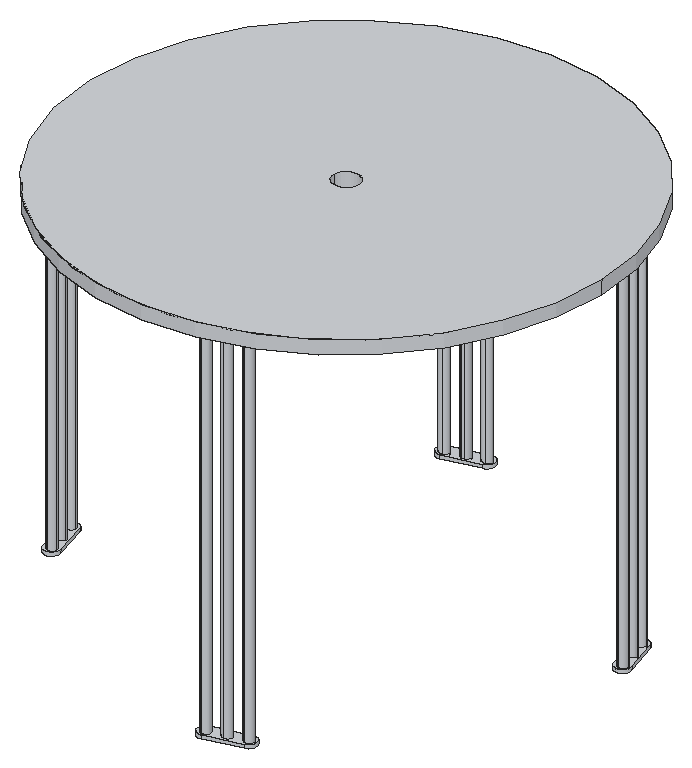
Revit family "XOCT-XOCTXBC4", category Furniture, Revit 2019
Family settings
  OmniClass Number = 23.40.20.00
  OmniClass Title = General Furniture and Specialties
  Work Plane-Based = No
  Always vertical = Yes
  Cut with Voids When Loaded = No
  Shared = No
  Room Calculation Point = No
Parameters (values of type "XOCT")
  XOCT-XBC4 = no
  XOCT = yes
  URL = "https://viaseating.com/series/sierra-015-outdoor-collection-tables/"
  Model = "XOCT"
  Manufacturer = "Via Seating"
  Finish [instance] = none
  Description = "The airy structure of the Sierra tables blend perfectly into natural and urban settings.  The bent pipe structure with a diameter of 18mm is made of stainless steel or polyester powder coated steel tube and hot-dip galvanized steel.  Ready-equipped for fastening to the ground with bolts or joined together using steel plates."
Reference planes (in)
  plane 1 "Center Front/Back": y = 0
  plane 2: z = 0
  plane 3 "Center Left/Right": x = 0
Forms (in)
  Extrusion 1, solid, material <- "Finish", visible <- "XOCT"
    sketch origin (0, 0, 0) x (1, 0, 0) y (0, 1, 0)
      loop
        circle (19.65625, -19.64062) r 19.64063
      loop
        circle (19.65625, -19.64062) r 0.99781
    from 27.87403 to 28.89766
  Extrusion 2, solid, material <- "Finish", visible <- "XOCT"
    sketch origin (0, 0, 0) x (1, 0, 0) y (0, 1, 0)
      loop
        line (0.84531, -23.51905) -> (1.58133, -26.2659)
        arc (1.58133, -26.2659) -> (2.31024, -26.68278) -> (2.73305, -25.9573) r 0.5962
        line (2.73305, -25.9573) -> (1.99703, -23.21045)
        arc (1.99703, -23.21045) -> (1.26813, -22.79357) -> (0.84531, -23.51905) r 0.5962
      loop
        circle (1.42243, -23.36945) r 0.36175
      loop
        circle (2.15593, -26.1069) r 0.36175
      loop
        circle (1.78913, -24.73798) r 0.36175
    from 0 to 0.23622
  Extrusion 3, solid, material <- "Finish", visible <- "XOCT"
    sketch origin (0, 0, 0) x (1, 0, 0) y (0, 1, 0)
      loop
        circle (1.42243, -23.36945) r 0.36175
      loop
        circle (1.42243, -23.36945) r 0.28363
      loop
        circle (1.79025, -24.7411) r 0.36175
      loop
        circle (1.79025, -24.7411) r 0.28363
      loop
        circle (2.15429, -26.10744) r 0.36175
      loop
        circle (2.15429, -26.10744) r 0.28363
    from 0 to 27.87403
  Extrusion 4, solid, material <- "Finish", visible <- "XOCT"
    sketch origin (26.43105, 7.63956, 0) x (-0.859366, -0.511361, 0) y (0.511361, -0.859366, 0)
      loop
        arc (0.84531, 23.51905) -> (1.26813, 22.79357) -> (1.99703, 23.21045) r 0.5962
        line (1.99703, 23.21045) -> (2.73305, 25.9573)
        arc (2.73305, 25.9573) -> (2.31024, 26.68278) -> (1.58133, 26.2659) r 0.5962
        line (1.58133, 26.2659) -> (0.84531, 23.51905)
      loop
        circle (1.42243, 23.36945) r 0.36175
      loop
        circle (2.15593, 26.1069) r 0.36175
      loop
        circle (1.78913, 24.73798) r 0.36175
    from 0 to 0.23622
  Extrusion 5, solid, material <- "Finish", visible <- "XOCT"
    sketch origin (26.43105, 7.63956, 0) x (-0.859366, -0.511361, 0) y (0.511361, -0.859366, 0)
      loop
        circle (1.42243, 23.36945) r 0.36175
      loop
        circle (1.42243, 23.36945) r 0.28363
      loop
        circle (1.79025, 24.7411) r 0.36175
      loop
        circle (1.79025, 24.7411) r 0.28363
      loop
        circle (2.15429, 26.10744) r 0.36175
      loop
        circle (2.15429, 26.10744) r 0.28363
    from 0 to 27.87403
  Extrusion 6, solid, material <- "Finish", visible <- "XOCT"
    sketch origin (-7.93838, -12.24932, 0) x (0.487962, -0.872865, 0) y (0.872865, 0.487962, 0)
      loop
        arc (0.84531, 23.51905) -> (1.26813, 22.79357) -> (1.99703, 23.21045) r 0.5962
        line (1.99703, 23.21045) -> (2.73305, 25.9573)
        arc (2.73305, 25.9573) -> (2.31024, 26.68278) -> (1.58133, 26.2659) r 0.5962
        line (1.58133, 26.2659) -> (0.84531, 23.51905)
      loop
        circle (1.42243, 23.36945) r 0.36175
      loop
        circle (2.15593, 26.1069) r 0.36175
      loop
        circle (1.78913, 24.73798) r 0.36175
    from 0 to 0.23622
  Extrusion 7, solid, material <- "Finish", visible <- "XOCT"
    sketch origin (-7.93838, -12.24932, 0) x (0.487962, -0.872865, 0) y (0.872865, 0.487962, 0)
      loop
        circle (1.42243, 23.36945) r 0.36175
      loop
        circle (1.42243, 23.36945) r 0.28363
      loop
        circle (1.79025, 24.7411) r 0.36175
      loop
        circle (1.79025, 24.7411) r 0.28363
      loop
        circle (2.15429, 26.10744) r 0.36175
      loop
        circle (2.15429, 26.10744) r 0.28363
    from 0 to 27.87403
  Extrusion 8, solid, material <- "Finish", visible <- "XOCT"
    sketch origin (0.03314, -39.31639, 0) x (-0.001297, 0.999999, 0) y (-0.999999, -0.001297, 0)
      loop
        line (0.84531, -23.51905) -> (1.58133, -26.2659)
        arc (1.58133, -26.2659) -> (2.31024, -26.68278) -> (2.73305, -25.9573) r 0.5962
        line (2.73305, -25.9573) -> (1.99703, -23.21045)
        arc (1.99703, -23.21045) -> (1.26813, -22.79357) -> (0.84531, -23.51905) r 0.5962
      loop
        circle (1.42243, -23.36945) r 0.36175
      loop
        circle (2.15593, -26.1069) r 0.36175
      loop
        circle (1.78913, -24.73798) r 0.36175
    from 0 to 0.23622
  Extrusion 9, solid, material <- "Finish", visible <- "XOCT"
    sketch origin (0.03314, -39.31639, 0) x (-0.001297, 0.999999, 0) y (-0.999999, -0.001297, 0)
      loop
        circle (1.42243, -23.36945) r 0.36175
      loop
        circle (1.42243, -23.36945) r 0.28363
      loop
        circle (1.79025, -24.7411) r 0.36175
      loop
        circle (1.79025, -24.7411) r 0.28363
      loop
        circle (2.15429, -26.10744) r 0.36175
      loop
        circle (2.15429, -26.10744) r 0.28363
    from 0 to 27.87403
  Extrusion 10, solid, material <- "Finish", visible <- "XOCT-XBC4"
    sketch origin (24.53292, 10.21578, 0) x (1, 0, 0) y (0, 1, 0)
      loop
        arc (-9.09301, -6.38209) -> (-8.5032, -6.94311) -> (-7.91339, -6.38209) r 0.59055
        line (-7.91339, -6.38209) -> (-7.91339, 6.3997)
        arc (-7.91339, 6.3997) -> (-8.5032, 6.96072) -> (-9.09301, 6.3997) r 0.59055
        line (-9.09301, 6.3997) -> (-9.09301, -6.38209)
      loop
        circle (-8.5032, 6.3764) r 0.35531
      loop
        circle (-8.5032, 4.97083) r 0.35531
      loop
        circle (-8.5032, 3.53733) r 0.35531
      loop
        circle (-8.5032, 2.13177) r 0.35531
      loop
        circle (-8.5032, 0.70714) r 0.35531
      loop
        circle (-8.5032, -6.35879) r 0.35531
      loop
        circle (-8.5032, -4.95322) r 0.35531
      loop
        circle (-8.5032, -3.51972) r 0.35531
      loop
        circle (-8.5032, -2.11416) r 0.35531
      loop
        circle (-8.5032, -0.68953) r 0.35531
    from 0 to 0.31496
  Extrusion 11, solid, material <- "Finish", visible <- "XOCT-XBC4"
    sketch origin (24.53292, 10.58117, 0.08436) x (0, 1, 0) y (0, 0, -1)
      loop
        arc (5.8787, -16.96996) -> (5.0442, -16.55058) -> (4.13731, -16.32741) r 4.17074
        arc (4.13731, -16.32741) -> (1.91909, -16.28701) -> (-0.29948, -16.29746) r 96.79933
        arc (-0.29948, -16.29746) -> (-0.36176, -16.35471) -> (-0.42404, -16.29745) r 0.0625
        arc (-0.42404, -16.29745) -> (-2.65402, -16.28709) -> (-4.88364, -16.3281) r 96.79933
        arc (-4.88364, -16.3281) -> (-5.78777, -16.5515) -> (-6.61979, -16.96996) r 4.17074
        arc (-6.61979, -16.96996) -> (-6.64439, -17.00745) -> (-6.63357, -17.05097) r 0.05596
        arc (-6.63357, -17.05097) -> (-6.46637, -17.1701) -> (-6.39395, -17.3622) r 0.35238
        line (-6.39395, -17.3622) -> (-5.67624, -17.3622)
        arc (-5.67624, -17.3622) -> (-5.32759, -17.03397) -> (-4.97893, -17.3622) r 0.34929
        line (-4.97893, -17.3622) -> (-4.25636, -17.3622)
        arc (-4.25636, -17.3622) -> (-3.9077, -17.03397) -> (-3.55905, -17.3622) r 0.34929
        line (-3.55905, -17.3622) -> (-2.83904, -17.3622)
        arc (-2.83904, -17.3622) -> (-2.49039, -17.03397) -> (-2.14173, -17.3622) r 0.34929
        line (-2.14173, -17.3622) -> (-1.41916, -17.3622)
        arc (-1.41916, -17.3622) -> (-1.0705, -17.03397) -> (-0.72185, -17.3622) r 0.34929
        line (-0.72185, -17.3622) -> (-0.01525, -17.3622)
        arc (-0.01525, -17.3622) -> (0.33341, -17.03397) -> (0.68206, -17.3622) r 0.34929
        line (0.68206, -17.3622) -> (1.40464, -17.3622)
        arc (1.40464, -17.3622) -> (1.75329, -17.03397) -> (2.10195, -17.3622) r 0.34929
        line (2.10195, -17.3622) -> (2.82195, -17.3622)
        arc (2.82195, -17.3622) -> (3.17061, -17.03397) -> (3.51926, -17.3622) r 0.34929
        line (3.51926, -17.3622) -> (4.24184, -17.3622)
        arc (4.24184, -17.3622) -> (4.59049, -17.03397) -> (4.93914, -17.3622) r 0.34929
        line (4.93914, -17.3622) -> (5.65286, -17.3622)
        arc (5.65286, -17.3622) -> (5.72528, -17.1701) -> (5.89248, -17.05097) r 0.35238
        arc (5.89248, -17.05097) -> (5.9033, -17.00745) -> (5.8787, -16.96996) r 0.05596
      loop
        circle (1.0565, -16.82947) r 0.10934
      loop
        circle (-1.77901, -16.82947) r 0.10934
    from -6.75224 to -6.43744
  Sweep 12, solid, material <- "Finish", visible <- "XOCT-XBC4"
    path origin (24.53292, 12.82372, 0) x (1, 0, 0) y (0, 0, 1)
      loop
        line (-8.5032, 0) -> (-8.5032, 16.21875)
        arc (-8.5032, 16.21875) -> (-8.16018, 17.04687) -> (-7.33205, 17.3899) r 1.17115
        line (-7.33205, 17.3899) -> (7.33205, 17.3899)
        arc (7.33205, 17.3899) -> (8.16018, 17.04687) -> (8.5032, 16.21875) r 1.17115
        line (8.5032, 16.21875) -> (8.5032, 0)
    profile origin (16.02972, 12.82372, 8.10937) x (-1, 0, 0) y (0, -1, 0)
      loop
        circle (0, 9) r 0.35531
  Sweep 13, solid, material <- "Finish", visible <- "XOCT-XBC4"
    path origin (24.53292, 14.24862, 0) x (1, 0, 0) y (0, 0, 1)
      loop
        line (-8.5032, 0) -> (-8.5032, 16.21875)
        arc (-8.5032, 16.21875) -> (-8.16018, 17.04687) -> (-7.33205, 17.3899) r 1.17115
        line (-7.33205, 17.3899) -> (7.33205, 17.3899)
        arc (7.33205, 17.3899) -> (8.16018, 17.04687) -> (8.5032, 16.21875) r 1.17115
        line (8.5032, 16.21875) -> (8.5032, 0)
    profile origin (16.02972, 14.24862, 8.10937) x (-1, 0, 0) y (0, -1, 0)
      loop
        circle (0, 9) r 0.35531
  Sweep 14, solid, material <- "Finish", visible <- "XOCT-XBC4"
    path origin (24.53292, 15.67028, 0) x (1, 0, 0) y (0, 0, 1)
      loop
        line (-8.5032, 0) -> (-8.5032, 16.21875)
        arc (-8.5032, 16.21875) -> (-8.16018, 17.04687) -> (-7.33205, 17.3899) r 1.17115
        line (-7.33205, 17.3899) -> (7.33205, 17.3899)
        arc (7.33205, 17.3899) -> (8.16018, 17.04687) -> (8.5032, 16.21875) r 1.17115
        line (8.5032, 16.21875) -> (8.5032, 0)
    profile origin (16.02972, 15.67028, 8.10937) x (-1, 0, 0) y (0, -1, 0)
      loop
        circle (0, 9) r 0.35531
  Sweep 15, solid, material <- "Finish", visible <- "XOCT-XBC4"
    path origin (24.53292, 17.08742, 0) x (1, 0, 0) y (0, 0, 1)
      loop
        line (-8.5032, 0) -> (-8.5032, 16.21875)
        arc (-8.5032, 16.21875) -> (-8.16018, 17.04687) -> (-7.33205, 17.3899) r 1.17115
        line (-7.33205, 17.3899) -> (7.33205, 17.3899)
        arc (7.33205, 17.3899) -> (8.16018, 17.04687) -> (8.5032, 16.21875) r 1.17115
        line (8.5032, 16.21875) -> (8.5032, 0)
    profile origin (16.02972, 17.08742, 8.10937) x (-1, 0, 0) y (0, -1, 0)
      loop
        circle (0, 9) r 0.35531
  Sweep 16, solid, material <- "Finish", visible <- "XOCT-XBC4"
    path origin (24.53292, 7.59218, 0) x (1, 0, 0) y (0, 0, -1)
      loop
        line (-8.5032, 0) -> (-8.5032, -16.21875)
        arc (-8.5032, -16.21875) -> (-8.16018, -17.04687) -> (-7.33205, -17.3899) r 1.17115
        line (-7.33205, -17.3899) -> (7.33205, -17.3899)
        arc (7.33205, -17.3899) -> (8.16018, -17.04687) -> (8.5032, -16.21875) r 1.17115
        line (8.5032, -16.21875) -> (8.5032, 0)
    profile origin (16.02972, 7.59218, 8.10937) x (1, 0, 0) y (0, 1, 0)
      loop
        circle (0, 9) r 0.35531
  Sweep 17, solid, material <- "Finish", visible <- "XOCT-XBC4"
    path origin (24.53292, 6.18661, 0) x (1, 0, 0) y (0, 0, -1)
      loop
        line (-8.5032, 0) -> (-8.5032, -16.21875)
        arc (-8.5032, -16.21875) -> (-8.16018, -17.04687) -> (-7.33205, -17.3899) r 1.17115
        line (-7.33205, -17.3899) -> (7.33205, -17.3899)
        arc (7.33205, -17.3899) -> (8.16018, -17.04687) -> (8.5032, -16.21875) r 1.17115
        line (8.5032, -16.21875) -> (8.5032, 0)
    profile origin (16.02972, 6.18661, 8.10937) x (1, 0, 0) y (0, 1, 0)
      loop
        circle (0, 9) r 0.35531
  Sweep 18, solid, material <- "Finish", visible <- "XOCT-XBC4"
    path origin (24.53292, 4.75311, 0) x (1, 0, 0) y (0, 0, -1)
      loop
        line (-8.5032, 0) -> (-8.5032, -16.21875)
        arc (-8.5032, -16.21875) -> (-8.16018, -17.04687) -> (-7.33205, -17.3899) r 1.17115
        line (-7.33205, -17.3899) -> (7.33205, -17.3899)
        arc (7.33205, -17.3899) -> (8.16018, -17.04687) -> (8.5032, -16.21875) r 1.17115
        line (8.5032, -16.21875) -> (8.5032, 0)
    profile origin (16.02972, 4.75311, 8.10937) x (1, 0, 0) y (0, 1, 0)
      loop
        circle (0, 9) r 0.35531
  Sweep 19, solid, material <- "Finish", visible <- "XOCT-XBC4"
    path origin (24.53292, 3.34755, 0) x (1, 0, 0) y (0, 0, -1)
      loop
        line (-8.5032, 0) -> (-8.5032, -16.21875)
        arc (-8.5032, -16.21875) -> (-8.16018, -17.04687) -> (-7.33205, -17.3899) r 1.17115
        line (-7.33205, -17.3899) -> (7.33205, -17.3899)
        arc (7.33205, -17.3899) -> (8.16018, -17.04687) -> (8.5032, -16.21875) r 1.17115
        line (8.5032, -16.21875) -> (8.5032, 0)
    profile origin (16.02972, 3.34755, 8.10937) x (1, 0, 0) y (0, 1, 0)
      loop
        circle (0, 9) r 0.35531
  Sweep 20, solid, material <- "Finish", visible <- "XOCT-XBC4"
    path origin (24.53292, 1.92292, 0) x (1, 0, 0) y (0, 0, -1)
      loop
        line (-8.5032, 0) -> (-8.5032, -16.21875)
        arc (-8.5032, -16.21875) -> (-8.16018, -17.04687) -> (-7.33205, -17.3899) r 1.17115
        line (-7.33205, -17.3899) -> (7.33205, -17.3899)
        arc (7.33205, -17.3899) -> (8.16018, -17.04687) -> (8.5032, -16.21875) r 1.17115
        line (8.5032, -16.21875) -> (8.5032, 0)
    profile origin (16.02972, 1.92292, 8.10937) x (1, 0, 0) y (0, 1, 0)
      loop
        circle (0, 9) r 0.35531
  Extrusion 21, solid, material <- "Finish", visible <- "XOCT-XBC4"
    sketch origin (24.5326, 10.21578, 0) x (-1, 0, 0) y (0, -1, 0)
      loop
        line (-9.09301, 6.38209) -> (-9.09301, -6.3997)
        arc (-9.09301, -6.3997) -> (-8.5032, -6.96072) -> (-7.91339, -6.3997) r 0.59055
        line (-7.91339, -6.3997) -> (-7.91339, 6.38209)
        arc (-7.91339, 6.38209) -> (-8.5032, 6.94311) -> (-9.09301, 6.38209) r 0.59055
      loop
        circle (-8.5032, -6.3764) r 0.35531
      loop
        circle (-8.5032, -4.97083) r 0.35531
      loop
        circle (-8.5032, -3.53733) r 0.35531
      loop
        circle (-8.5032, -2.13177) r 0.35531
      loop
        circle (-8.5032, -0.70714) r 0.35531
      loop
        circle (-8.5032, 6.35879) r 0.35531
      loop
        circle (-8.5032, 4.95322) r 0.35531
      loop
        circle (-8.5032, 3.51972) r 0.35531
      loop
        circle (-8.5032, 2.11416) r 0.35531
      loop
        circle (-8.5032, 0.68953) r 0.35531
    from 0 to 0.31496
  Sweep 22, solid, material <- "Finish", visible <- "XOCT-XBC4"
    path origin (24.53292, 18.51205, 0) x (1, 0, 0) y (0, 0, 1)
      loop
        line (-8.5032, 0) -> (-8.5032, 16.21875)
        arc (-8.5032, 16.21875) -> (-8.16018, 17.04687) -> (-7.33205, 17.3899) r 1.17115
        line (-7.33205, 17.3899) -> (7.33205, 17.3899)
        arc (7.33205, 17.3899) -> (8.16018, 17.04687) -> (8.5032, 16.21875) r 1.17115
        line (8.5032, 16.21875) -> (8.5032, 0)
    profile origin (16.02972, 18.51205, 8.10937) x (-1, 0, 0) y (0, -1, 0)
      loop
        circle (0, 9) r 0.35531
  Extrusion 23, solid, material <- "Finish", visible <- "XOCT-XBC4"
    sketch origin (0, 0, 0) x (1, 0, 0) y (0, 1, 0)
      loop
        line (15.43991, 3.83369) -> (15.43991, -0.89383) -> (15.75983, -0.81284)
        arc (15.75983, -0.81284) -> (16.27499, -0.92732) -> (16.49746, -1.40586) r 0.5962
        line (16.49746, -1.40586) -> (16.61953, 3.83369)
        arc (16.61953, 3.83369) -> (16.02972, 3.27267) -> (15.43991, 3.83369) r 0.59055
    from 0 to 0.23622
  Extrusion 24, solid, material <- "Finish", visible <- "XOCT-XBC4"
    sketch origin (23.87793, 10.58117, 0.08436) x (0, 1, 0) y (0, 0, -1)
      loop
        arc (5.8787, -16.96996) -> (5.0442, -16.55058) -> (4.13731, -16.32741) r 4.17074
        arc (4.13731, -16.32741) -> (1.91909, -16.28701) -> (-0.29948, -16.29746) r 96.79933
        arc (-0.29948, -16.29746) -> (-0.36176, -16.35471) -> (-0.42404, -16.29745) r 0.0625
        arc (-0.42404, -16.29745) -> (-2.65402, -16.28709) -> (-4.88364, -16.3281) r 96.79933
        arc (-4.88364, -16.3281) -> (-5.78777, -16.5515) -> (-6.61979, -16.96996) r 4.17074
        arc (-6.61979, -16.96996) -> (-6.64439, -17.00745) -> (-6.63357, -17.05097) r 0.05596
        arc (-6.63357, -17.05097) -> (-6.46637, -17.1701) -> (-6.39395, -17.3622) r 0.35238
        line (-6.39395, -17.3622) -> (-5.67624, -17.3622)
        arc (-5.67624, -17.3622) -> (-5.32759, -17.03397) -> (-4.97893, -17.3622) r 0.34929
        line (-4.97893, -17.3622) -> (-4.25636, -17.3622)
        arc (-4.25636, -17.3622) -> (-3.9077, -17.03397) -> (-3.55905, -17.3622) r 0.34929
        line (-3.55905, -17.3622) -> (-2.83904, -17.3622)
        arc (-2.83904, -17.3622) -> (-2.49039, -17.03397) -> (-2.14173, -17.3622) r 0.34929
        line (-2.14173, -17.3622) -> (-1.41916, -17.3622)
        arc (-1.41916, -17.3622) -> (-1.0705, -17.03397) -> (-0.72185, -17.3622) r 0.34929
        line (-0.72185, -17.3622) -> (-0.01525, -17.3622)
        arc (-0.01525, -17.3622) -> (0.33341, -17.03397) -> (0.68206, -17.3622) r 0.34929
        line (0.68206, -17.3622) -> (1.40464, -17.3622)
        arc (1.40464, -17.3622) -> (1.75329, -17.03397) -> (2.10195, -17.3622) r 0.34929
        line (2.10195, -17.3622) -> (2.82195, -17.3622)
        arc (2.82195, -17.3622) -> (3.17061, -17.03397) -> (3.51926, -17.3622) r 0.34929
        line (3.51926, -17.3622) -> (4.24184, -17.3622)
        arc (4.24184, -17.3622) -> (4.59049, -17.03397) -> (4.93914, -17.3622) r 0.34929
        line (4.93914, -17.3622) -> (5.65286, -17.3622)
        arc (5.65286, -17.3622) -> (5.72528, -17.1701) -> (5.89248, -17.05097) r 0.35238
        arc (5.89248, -17.05097) -> (5.9033, -17.00745) -> (5.8787, -16.96996) r 0.05596
      loop
        circle (1.0565, -16.82947) r 0.10934
      loop
        circle (-1.77901, -16.82947) r 0.10934
    from -6.75224 to -6.43744
  Extrusion 25, solid, material <- "Finish", visible <- "XOCT-XBC4"
    sketch origin (24.52215, 10.58118, 0.08436) x (0.001696, 0.999999, 0) y (0, 0, 1)
      loop
        arc (5.8787, 16.96996) -> (5.9033, 17.00745) -> (5.89248, 17.05097) r 0.05596
        arc (5.89248, 17.05097) -> (5.72528, 17.1701) -> (5.65286, 17.3622) r 0.35238
        line (5.65286, 17.3622) -> (4.93914, 17.3622)
        arc (4.93914, 17.3622) -> (4.59049, 17.03397) -> (4.24184, 17.3622) r 0.34929
        line (4.24184, 17.3622) -> (3.51926, 17.3622)
        arc (3.51926, 17.3622) -> (3.17061, 17.03397) -> (2.82195, 17.3622) r 0.34929
        line (2.82195, 17.3622) -> (2.10195, 17.3622)
        arc (2.10195, 17.3622) -> (1.75329, 17.03397) -> (1.40464, 17.3622) r 0.34929
        line (1.40464, 17.3622) -> (0.68206, 17.3622)
        arc (0.68206, 17.3622) -> (0.33341, 17.03397) -> (-0.01525, 17.3622) r 0.34929
        line (-0.01525, 17.3622) -> (-0.72185, 17.3622)
        arc (-0.72185, 17.3622) -> (-1.0705, 17.03397) -> (-1.41916, 17.3622) r 0.34929
        line (-1.41916, 17.3622) -> (-2.14173, 17.3622)
        arc (-2.14173, 17.3622) -> (-2.49039, 17.03397) -> (-2.83904, 17.3622) r 0.34929
        line (-2.83904, 17.3622) -> (-3.55905, 17.3622)
        arc (-3.55905, 17.3622) -> (-3.9077, 17.03397) -> (-4.25636, 17.3622) r 0.34929
        line (-4.25636, 17.3622) -> (-4.97893, 17.3622)
        arc (-4.97893, 17.3622) -> (-5.32759, 17.03397) -> (-5.67624, 17.3622) r 0.34929
        line (-5.67624, 17.3622) -> (-6.39395, 17.3622)
        arc (-6.39395, 17.3622) -> (-6.46637, 17.1701) -> (-6.63357, 17.05097) r 0.35238
        arc (-6.63357, 17.05097) -> (-6.64439, 17.00745) -> (-6.61979, 16.96996) r 0.05596
        arc (-6.61979, 16.96996) -> (-5.78777, 16.5515) -> (-4.88364, 16.3281) r 4.17074
        arc (-4.88364, 16.3281) -> (-2.65402, 16.28709) -> (-0.42404, 16.29745) r 96.79933
        arc (-0.42404, 16.29745) -> (-0.36176, 16.35471) -> (-0.29948, 16.29746) r 0.0625
        arc (-0.29948, 16.29746) -> (1.91909, 16.28701) -> (4.13731, 16.32741) r 96.79933
        arc (4.13731, 16.32741) -> (5.0442, 16.55058) -> (5.8787, 16.96996) r 4.17074
      loop
        circle (1.0565, 16.82947) r 0.10934
      loop
        circle (-1.77901, 16.82947) r 0.10934
    from -6.75224 to -6.43744
  Extrusion 26, solid, material <- "Finish", visible <- "XOCT-XBC4"
    sketch origin (25.17715, 10.58007, 0.08436) x (0.001696, 0.999999, 0) y (0, 0, 1)
      loop
        arc (5.8787, 16.96996) -> (5.9033, 17.00745) -> (5.89248, 17.05097) r 0.05596
        arc (5.89248, 17.05097) -> (5.72528, 17.1701) -> (5.65286, 17.3622) r 0.35238
        line (5.65286, 17.3622) -> (4.93914, 17.3622)
        arc (4.93914, 17.3622) -> (4.59049, 17.03397) -> (4.24184, 17.3622) r 0.34929
        line (4.24184, 17.3622) -> (3.51926, 17.3622)
        arc (3.51926, 17.3622) -> (3.17061, 17.03397) -> (2.82195, 17.3622) r 0.34929
        line (2.82195, 17.3622) -> (2.10195, 17.3622)
        arc (2.10195, 17.3622) -> (1.75329, 17.03397) -> (1.40464, 17.3622) r 0.34929
        line (1.40464, 17.3622) -> (0.68206, 17.3622)
        arc (0.68206, 17.3622) -> (0.33341, 17.03397) -> (-0.01525, 17.3622) r 0.34929
        line (-0.01525, 17.3622) -> (-0.72185, 17.3622)
        arc (-0.72185, 17.3622) -> (-1.0705, 17.03397) -> (-1.41916, 17.3622) r 0.34929
        line (-1.41916, 17.3622) -> (-2.14173, 17.3622)
        arc (-2.14173, 17.3622) -> (-2.49039, 17.03397) -> (-2.83904, 17.3622) r 0.34929
        line (-2.83904, 17.3622) -> (-3.55905, 17.3622)
        arc (-3.55905, 17.3622) -> (-3.9077, 17.03397) -> (-4.25636, 17.3622) r 0.34929
        line (-4.25636, 17.3622) -> (-4.97893, 17.3622)
        arc (-4.97893, 17.3622) -> (-5.32759, 17.03397) -> (-5.67624, 17.3622) r 0.34929
        line (-5.67624, 17.3622) -> (-6.39395, 17.3622)
        arc (-6.39395, 17.3622) -> (-6.46637, 17.1701) -> (-6.63357, 17.05097) r 0.35238
        arc (-6.63357, 17.05097) -> (-6.64439, 17.00745) -> (-6.61979, 16.96996) r 0.05596
        arc (-6.61979, 16.96996) -> (-5.78777, 16.5515) -> (-4.88364, 16.3281) r 4.17074
        arc (-4.88364, 16.3281) -> (-2.65402, 16.28709) -> (-0.42404, 16.29745) r 96.79933
        arc (-0.42404, 16.29745) -> (-0.36176, 16.35471) -> (-0.29948, 16.29746) r 0.0625
        arc (-0.29948, 16.29746) -> (1.91909, 16.28701) -> (4.13731, 16.32741) r 96.79933
        arc (4.13731, 16.32741) -> (5.0442, 16.55058) -> (5.8787, 16.96996) r 4.17074
      loop
        circle (1.0565, 16.82947) r 0.10934
      loop
        circle (-1.77901, 16.82947) r 0.10934
    from -6.75224 to -6.43744
  Extrusion 27, solid, material <- "Finish", visible <- "XOCT-XBC4"
    sketch origin (49.51834, -24.52556, 0) x (0, -1, 0) y (1, 0, 0)
      loop
        arc (-9.09301, -6.38209) -> (-8.5032, -6.94311) -> (-7.91339, -6.38209) r 0.59055
        line (-7.91339, -6.38209) -> (-7.91339, 6.3997)
        arc (-7.91339, 6.3997) -> (-8.5032, 6.96072) -> (-9.09301, 6.3997) r 0.59055
        line (-9.09301, 6.3997) -> (-9.09301, -6.38209)
      loop
        circle (-8.5032, 6.3764) r 0.35531
      loop
        circle (-8.5032, 4.97083) r 0.35531
      loop
        circle (-8.5032, 3.53733) r 0.35531
      loop
        circle (-8.5032, 2.13177) r 0.35531
      loop
        circle (-8.5032, 0.70714) r 0.35531
      loop
        circle (-8.5032, -6.35879) r 0.35531
      loop
        circle (-8.5032, -4.95322) r 0.35531
      loop
        circle (-8.5032, -3.51972) r 0.35531
      loop
        circle (-8.5032, -2.11416) r 0.35531
      loop
        circle (-8.5032, -0.68953) r 0.35531
    from 0 to 0.31496
  Extrusion 28, solid, material <- "Finish", visible <- "XOCT-XBC4"
    sketch origin (49.88373, -24.52556, 0.08436) x (1, 0, 0) y (0, 0, -1)
      loop
        arc (5.8787, -16.96996) -> (5.0442, -16.55058) -> (4.13731, -16.32741) r 4.17074
        arc (4.13731, -16.32741) -> (1.91909, -16.28701) -> (-0.29948, -16.29746) r 96.79933
        arc (-0.29948, -16.29746) -> (-0.36176, -16.35471) -> (-0.42404, -16.29745) r 0.0625
        arc (-0.42404, -16.29745) -> (-2.65402, -16.28709) -> (-4.88364, -16.3281) r 96.79933
        arc (-4.88364, -16.3281) -> (-5.78777, -16.5515) -> (-6.61979, -16.96996) r 4.17074
        arc (-6.61979, -16.96996) -> (-6.64439, -17.00745) -> (-6.63357, -17.05097) r 0.05596
        arc (-6.63357, -17.05097) -> (-6.46637, -17.1701) -> (-6.39395, -17.3622) r 0.35238
        line (-6.39395, -17.3622) -> (-5.67624, -17.3622)
        arc (-5.67624, -17.3622) -> (-5.32759, -17.03397) -> (-4.97893, -17.3622) r 0.34929
        line (-4.97893, -17.3622) -> (-4.25636, -17.3622)
        arc (-4.25636, -17.3622) -> (-3.9077, -17.03397) -> (-3.55905, -17.3622) r 0.34929
        line (-3.55905, -17.3622) -> (-2.83904, -17.3622)
        arc (-2.83904, -17.3622) -> (-2.49039, -17.03397) -> (-2.14173, -17.3622) r 0.34929
        line (-2.14173, -17.3622) -> (-1.41916, -17.3622)
        arc (-1.41916, -17.3622) -> (-1.0705, -17.03397) -> (-0.72185, -17.3622) r 0.34929
        line (-0.72185, -17.3622) -> (-0.01525, -17.3622)
        arc (-0.01525, -17.3622) -> (0.33341, -17.03397) -> (0.68206, -17.3622) r 0.34929
        line (0.68206, -17.3622) -> (1.40464, -17.3622)
        arc (1.40464, -17.3622) -> (1.75329, -17.03397) -> (2.10195, -17.3622) r 0.34929
        line (2.10195, -17.3622) -> (2.82195, -17.3622)
        arc (2.82195, -17.3622) -> (3.17061, -17.03397) -> (3.51926, -17.3622) r 0.34929
        line (3.51926, -17.3622) -> (4.24184, -17.3622)
        arc (4.24184, -17.3622) -> (4.59049, -17.03397) -> (4.93914, -17.3622) r 0.34929
        line (4.93914, -17.3622) -> (5.65286, -17.3622)
        arc (5.65286, -17.3622) -> (5.72528, -17.1701) -> (5.89248, -17.05097) r 0.35238
        arc (5.89248, -17.05097) -> (5.9033, -17.00745) -> (5.8787, -16.96996) r 0.05596
      loop
        circle (1.0565, -16.82947) r 0.10934
      loop
        circle (-1.77901, -16.82947) r 0.10934
    from -6.75224 to -6.43744
  Sweep 29, solid, material <- "Finish", visible <- "XOCT-XBC4"
    path origin (52.12628, -24.52556, 0) x (0, -1, 0) y (0, 0, 1)
      loop
        line (-8.5032, 0) -> (-8.5032, 16.21875)
        arc (-8.5032, 16.21875) -> (-8.16018, 17.04687) -> (-7.33205, 17.3899) r 1.17115
        line (-7.33205, 17.3899) -> (7.33205, 17.3899)
        arc (7.33205, 17.3899) -> (8.16018, 17.04687) -> (8.5032, 16.21875) r 1.17115
        line (8.5032, 16.21875) -> (8.5032, 0)
    profile origin (52.12628, -16.02236, 8.10937) x (0, 1, 0) y (-1, 0, 0)
      loop
        circle (0, 9) r 0.35531
  Sweep 30, solid, material <- "Finish", visible <- "XOCT-XBC4"
    path origin (53.55118, -24.52556, 0) x (0, -1, 0) y (0, 0, 1)
      loop
        line (-8.5032, 0) -> (-8.5032, 16.21875)
        arc (-8.5032, 16.21875) -> (-8.16018, 17.04687) -> (-7.33205, 17.3899) r 1.17115
        line (-7.33205, 17.3899) -> (7.33205, 17.3899)
        arc (7.33205, 17.3899) -> (8.16018, 17.04687) -> (8.5032, 16.21875) r 1.17115
        line (8.5032, 16.21875) -> (8.5032, 0)
    profile origin (53.55118, -16.02236, 8.10937) x (0, 1, 0) y (-1, 0, 0)
      loop
        circle (0, 9) r 0.35531
  Sweep 31, solid, material <- "Finish", visible <- "XOCT-XBC4"
    path origin (54.97283, -24.52556, 0) x (0, -1, 0) y (0, 0, 1)
      loop
        line (-8.5032, 0) -> (-8.5032, 16.21875)
        arc (-8.5032, 16.21875) -> (-8.16018, 17.04687) -> (-7.33205, 17.3899) r 1.17115
        line (-7.33205, 17.3899) -> (7.33205, 17.3899)
        arc (7.33205, 17.3899) -> (8.16018, 17.04687) -> (8.5032, 16.21875) r 1.17115
        line (8.5032, 16.21875) -> (8.5032, 0)
    profile origin (54.97283, -16.02236, 8.10937) x (0, 1, 0) y (-1, 0, 0)
      loop
        circle (0, 9) r 0.35531
  Sweep 32, solid, material <- "Finish", visible <- "XOCT-XBC4"
    path origin (56.38997, -24.52556, 0) x (0, -1, 0) y (0, 0, 1)
      loop
        line (-8.5032, 0) -> (-8.5032, 16.21875)
        arc (-8.5032, 16.21875) -> (-8.16018, 17.04687) -> (-7.33205, 17.3899) r 1.17115
        line (-7.33205, 17.3899) -> (7.33205, 17.3899)
        arc (7.33205, 17.3899) -> (8.16018, 17.04687) -> (8.5032, 16.21875) r 1.17115
        line (8.5032, 16.21875) -> (8.5032, 0)
    profile origin (56.38997, -16.02236, 8.10937) x (0, 1, 0) y (-1, 0, 0)
      loop
        circle (0, 9) r 0.35531
  Sweep 33, solid, material <- "Finish", visible <- "XOCT-XBC4"
    path origin (46.89474, -24.52556, 0) x (0, -1, 0) y (0, 0, -1)
      loop
        line (-8.5032, 0) -> (-8.5032, -16.21875)
        arc (-8.5032, -16.21875) -> (-8.16018, -17.04687) -> (-7.33205, -17.3899) r 1.17115
        line (-7.33205, -17.3899) -> (7.33205, -17.3899)
        arc (7.33205, -17.3899) -> (8.16018, -17.04687) -> (8.5032, -16.21875) r 1.17115
        line (8.5032, -16.21875) -> (8.5032, 0)
    profile origin (46.89474, -16.02236, 8.10937) x (0, -1, 0) y (1, 0, 0)
      loop
        circle (0, 9) r 0.35531
  Sweep 34, solid, material <- "Finish", visible <- "XOCT-XBC4"
    path origin (45.48917, -24.52556, 0) x (0, -1, 0) y (0, 0, -1)
      loop
        line (-8.5032, 0) -> (-8.5032, -16.21875)
        arc (-8.5032, -16.21875) -> (-8.16018, -17.04687) -> (-7.33205, -17.3899) r 1.17115
        line (-7.33205, -17.3899) -> (7.33205, -17.3899)
        arc (7.33205, -17.3899) -> (8.16018, -17.04687) -> (8.5032, -16.21875) r 1.17115
        line (8.5032, -16.21875) -> (8.5032, 0)
    profile origin (45.48917, -16.02236, 8.10937) x (0, -1, 0) y (1, 0, 0)
      loop
        circle (0, 9) r 0.35531
  Sweep 35, solid, material <- "Finish", visible <- "XOCT-XBC4"
    path origin (44.05567, -24.52556, 0) x (0, -1, 0) y (0, 0, -1)
      loop
        line (-8.5032, 0) -> (-8.5032, -16.21875)
        arc (-8.5032, -16.21875) -> (-8.16018, -17.04687) -> (-7.33205, -17.3899) r 1.17115
        line (-7.33205, -17.3899) -> (7.33205, -17.3899)
        arc (7.33205, -17.3899) -> (8.16018, -17.04687) -> (8.5032, -16.21875) r 1.17115
        line (8.5032, -16.21875) -> (8.5032, 0)
    profile origin (44.05567, -16.02236, 8.10937) x (0, -1, 0) y (1, 0, 0)
      loop
        circle (0, 9) r 0.35531
  Sweep 36, solid, material <- "Finish", visible <- "XOCT-XBC4"
    path origin (42.6501, -24.52556, 0) x (0, -1, 0) y (0, 0, -1)
      loop
        line (-8.5032, 0) -> (-8.5032, -16.21875)
        arc (-8.5032, -16.21875) -> (-8.16018, -17.04687) -> (-7.33205, -17.3899) r 1.17115
        line (-7.33205, -17.3899) -> (7.33205, -17.3899)
        arc (7.33205, -17.3899) -> (8.16018, -17.04687) -> (8.5032, -16.21875) r 1.17115
        line (8.5032, -16.21875) -> (8.5032, 0)
    profile origin (42.6501, -16.02236, 8.10937) x (0, -1, 0) y (1, 0, 0)
      loop
        circle (0, 9) r 0.35531
  Sweep 37, solid, material <- "Finish", visible <- "XOCT-XBC4"
    path origin (41.22547, -24.52556, 0) x (0, -1, 0) y (0, 0, -1)
      loop
        line (-8.5032, 0) -> (-8.5032, -16.21875)
        arc (-8.5032, -16.21875) -> (-8.16018, -17.04687) -> (-7.33205, -17.3899) r 1.17115
        line (-7.33205, -17.3899) -> (7.33205, -17.3899)
        arc (7.33205, -17.3899) -> (8.16018, -17.04687) -> (8.5032, -16.21875) r 1.17115
        line (8.5032, -16.21875) -> (8.5032, 0)
    profile origin (41.22547, -16.02236, 8.10937) x (0, -1, 0) y (1, 0, 0)
      loop
        circle (0, 9) r 0.35531
  Extrusion 38, solid, material <- "Finish", visible <- "XOCT-XBC4"
    sketch origin (49.51834, -24.52524, 0) x (0, 1, 0) y (-1, 0, 0)
      loop
        line (-9.09301, 6.38209) -> (-9.09301, -6.3997)
        arc (-9.09301, -6.3997) -> (-8.5032, -6.96072) -> (-7.91339, -6.3997) r 0.59055
        line (-7.91339, -6.3997) -> (-7.91339, 6.38209)
        arc (-7.91339, 6.38209) -> (-8.5032, 6.94311) -> (-9.09301, 6.38209) r 0.59055
      loop
        circle (-8.5032, -6.3764) r 0.35531
      loop
        circle (-8.5032, -4.97083) r 0.35531
      loop
        circle (-8.5032, -3.53733) r 0.35531
      loop
        circle (-8.5032, -2.13177) r 0.35531
      loop
        circle (-8.5032, -0.70714) r 0.35531
      loop
        circle (-8.5032, 6.35879) r 0.35531
      loop
        circle (-8.5032, 4.95322) r 0.35531
      loop
        circle (-8.5032, 3.51972) r 0.35531
      loop
        circle (-8.5032, 2.11416) r 0.35531
      loop
        circle (-8.5032, 0.68953) r 0.35531
    from 0 to 0.31496
  Sweep 39, solid, material <- "Finish", visible <- "XOCT-XBC4"
    path origin (57.8146, -24.52556, 0) x (0, -1, 0) y (0, 0, 1)
      loop
        line (-8.5032, 0) -> (-8.5032, 16.21875)
        arc (-8.5032, 16.21875) -> (-8.16018, 17.04687) -> (-7.33205, 17.3899) r 1.17115
        line (-7.33205, 17.3899) -> (7.33205, 17.3899)
        arc (7.33205, 17.3899) -> (8.16018, 17.04687) -> (8.5032, 16.21875) r 1.17115
        line (8.5032, 16.21875) -> (8.5032, 0)
    profile origin (57.8146, -16.02236, 8.10937) x (0, 1, 0) y (-1, 0, 0)
      loop
        circle (0, 9) r 0.35531
  Extrusion 40, solid, material <- "Finish", visible <- "XOCT-XBC4"
    sketch origin (39.30256, 0.00736, 0) x (0, -1, 0) y (1, 0, 0)
      loop
        line (15.43991, 3.83369) -> (15.43991, -0.89383) -> (15.75983, -0.81284)
        arc (15.75983, -0.81284) -> (16.27499, -0.92732) -> (16.49746, -1.40586) r 0.5962
        line (16.49746, -1.40586) -> (16.61953, 3.83369)
        arc (16.61953, 3.83369) -> (16.02972, 3.27267) -> (15.43991, 3.83369) r 0.59055
    from 0 to 0.23622
  Extrusion 41, solid, material <- "Finish", visible <- "XOCT-XBC4"
    sketch origin (49.88373, -23.87056, 0.08436) x (1, 0, 0) y (0, 0, -1)
      loop
        arc (5.8787, -16.96996) -> (5.0442, -16.55058) -> (4.13731, -16.32741) r 4.17074
        arc (4.13731, -16.32741) -> (1.91909, -16.28701) -> (-0.29948, -16.29746) r 96.79933
        arc (-0.29948, -16.29746) -> (-0.36176, -16.35471) -> (-0.42404, -16.29745) r 0.0625
        arc (-0.42404, -16.29745) -> (-2.65402, -16.28709) -> (-4.88364, -16.3281) r 96.79933
        arc (-4.88364, -16.3281) -> (-5.78777, -16.5515) -> (-6.61979, -16.96996) r 4.17074
        arc (-6.61979, -16.96996) -> (-6.64439, -17.00745) -> (-6.63357, -17.05097) r 0.05596
        arc (-6.63357, -17.05097) -> (-6.46637, -17.1701) -> (-6.39395, -17.3622) r 0.35238
        line (-6.39395, -17.3622) -> (-5.67624, -17.3622)
        arc (-5.67624, -17.3622) -> (-5.32759, -17.03397) -> (-4.97893, -17.3622) r 0.34929
        line (-4.97893, -17.3622) -> (-4.25636, -17.3622)
        arc (-4.25636, -17.3622) -> (-3.9077, -17.03397) -> (-3.55905, -17.3622) r 0.34929
        line (-3.55905, -17.3622) -> (-2.83904, -17.3622)
        arc (-2.83904, -17.3622) -> (-2.49039, -17.03397) -> (-2.14173, -17.3622) r 0.34929
        line (-2.14173, -17.3622) -> (-1.41916, -17.3622)
        arc (-1.41916, -17.3622) -> (-1.0705, -17.03397) -> (-0.72185, -17.3622) r 0.34929
        line (-0.72185, -17.3622) -> (-0.01525, -17.3622)
        arc (-0.01525, -17.3622) -> (0.33341, -17.03397) -> (0.68206, -17.3622) r 0.34929
        line (0.68206, -17.3622) -> (1.40464, -17.3622)
        arc (1.40464, -17.3622) -> (1.75329, -17.03397) -> (2.10195, -17.3622) r 0.34929
        line (2.10195, -17.3622) -> (2.82195, -17.3622)
        arc (2.82195, -17.3622) -> (3.17061, -17.03397) -> (3.51926, -17.3622) r 0.34929
        line (3.51926, -17.3622) -> (4.24184, -17.3622)
        arc (4.24184, -17.3622) -> (4.59049, -17.03397) -> (4.93914, -17.3622) r 0.34929
        line (4.93914, -17.3622) -> (5.65286, -17.3622)
        arc (5.65286, -17.3622) -> (5.72528, -17.1701) -> (5.89248, -17.05097) r 0.35238
        arc (5.89248, -17.05097) -> (5.9033, -17.00745) -> (5.8787, -16.96996) r 0.05596
      loop
        circle (1.0565, -16.82947) r 0.10934
      loop
        circle (-1.77901, -16.82947) r 0.10934
    from -6.75224 to -6.43744
  Extrusion 42, solid, material <- "Finish", visible <- "XOCT-XBC4"
    sketch origin (49.88374, -24.51479, 0.08436) x (0.999999, -0.001696, 0) y (0, 0, 1)
      loop
        arc (5.8787, 16.96996) -> (5.9033, 17.00745) -> (5.89248, 17.05097) r 0.05596
        arc (5.89248, 17.05097) -> (5.72528, 17.1701) -> (5.65286, 17.3622) r 0.35238
        line (5.65286, 17.3622) -> (4.93914, 17.3622)
        arc (4.93914, 17.3622) -> (4.59049, 17.03397) -> (4.24184, 17.3622) r 0.34929
        line (4.24184, 17.3622) -> (3.51926, 17.3622)
        arc (3.51926, 17.3622) -> (3.17061, 17.03397) -> (2.82195, 17.3622) r 0.34929
        line (2.82195, 17.3622) -> (2.10195, 17.3622)
        arc (2.10195, 17.3622) -> (1.75329, 17.03397) -> (1.40464, 17.3622) r 0.34929
        line (1.40464, 17.3622) -> (0.68206, 17.3622)
        arc (0.68206, 17.3622) -> (0.33341, 17.03397) -> (-0.01525, 17.3622) r 0.34929
        line (-0.01525, 17.3622) -> (-0.72185, 17.3622)
        arc (-0.72185, 17.3622) -> (-1.0705, 17.03397) -> (-1.41916, 17.3622) r 0.34929
        line (-1.41916, 17.3622) -> (-2.14173, 17.3622)
        arc (-2.14173, 17.3622) -> (-2.49039, 17.03397) -> (-2.83904, 17.3622) r 0.34929
        line (-2.83904, 17.3622) -> (-3.55905, 17.3622)
        arc (-3.55905, 17.3622) -> (-3.9077, 17.03397) -> (-4.25636, 17.3622) r 0.34929
        line (-4.25636, 17.3622) -> (-4.97893, 17.3622)
        arc (-4.97893, 17.3622) -> (-5.32759, 17.03397) -> (-5.67624, 17.3622) r 0.34929
        line (-5.67624, 17.3622) -> (-6.39395, 17.3622)
        arc (-6.39395, 17.3622) -> (-6.46637, 17.1701) -> (-6.63357, 17.05097) r 0.35238
        arc (-6.63357, 17.05097) -> (-6.64439, 17.00745) -> (-6.61979, 16.96996) r 0.05596
        arc (-6.61979, 16.96996) -> (-5.78777, 16.5515) -> (-4.88364, 16.3281) r 4.17074
        arc (-4.88364, 16.3281) -> (-2.65402, 16.28709) -> (-0.42404, 16.29745) r 96.79933
        arc (-0.42404, 16.29745) -> (-0.36176, 16.35471) -> (-0.29948, 16.29746) r 0.0625
        arc (-0.29948, 16.29746) -> (1.91909, 16.28701) -> (4.13731, 16.32741) r 96.79933
        arc (4.13731, 16.32741) -> (5.0442, 16.55058) -> (5.8787, 16.96996) r 4.17074
      loop
        circle (1.0565, 16.82947) r 0.10934
      loop
        circle (-1.77901, 16.82947) r 0.10934
    from -6.75224 to -6.43744
  Extrusion 43, solid, material <- "Finish", visible <- "XOCT-XBC4"
    sketch origin (49.88262, -25.16978, 0.08436) x (0.999999, -0.001696, 0) y (0, 0, 1)
      loop
        arc (5.8787, 16.96996) -> (5.9033, 17.00745) -> (5.89248, 17.05097) r 0.05596
        arc (5.89248, 17.05097) -> (5.72528, 17.1701) -> (5.65286, 17.3622) r 0.35238
        line (5.65286, 17.3622) -> (4.93914, 17.3622)
        arc (4.93914, 17.3622) -> (4.59049, 17.03397) -> (4.24184, 17.3622) r 0.34929
        line (4.24184, 17.3622) -> (3.51926, 17.3622)
        arc (3.51926, 17.3622) -> (3.17061, 17.03397) -> (2.82195, 17.3622) r 0.34929
        line (2.82195, 17.3622) -> (2.10195, 17.3622)
        arc (2.10195, 17.3622) -> (1.75329, 17.03397) -> (1.40464, 17.3622) r 0.34929
        line (1.40464, 17.3622) -> (0.68206, 17.3622)
        arc (0.68206, 17.3622) -> (0.33341, 17.03397) -> (-0.01525, 17.3622) r 0.34929
        line (-0.01525, 17.3622) -> (-0.72185, 17.3622)
        arc (-0.72185, 17.3622) -> (-1.0705, 17.03397) -> (-1.41916, 17.3622) r 0.34929
        line (-1.41916, 17.3622) -> (-2.14173, 17.3622)
        arc (-2.14173, 17.3622) -> (-2.49039, 17.03397) -> (-2.83904, 17.3622) r 0.34929
        line (-2.83904, 17.3622) -> (-3.55905, 17.3622)
        arc (-3.55905, 17.3622) -> (-3.9077, 17.03397) -> (-4.25636, 17.3622) r 0.34929
        line (-4.25636, 17.3622) -> (-4.97893, 17.3622)
        arc (-4.97893, 17.3622) -> (-5.32759, 17.03397) -> (-5.67624, 17.3622) r 0.34929
        line (-5.67624, 17.3622) -> (-6.39395, 17.3622)
        arc (-6.39395, 17.3622) -> (-6.46637, 17.1701) -> (-6.63357, 17.05097) r 0.35238
        arc (-6.63357, 17.05097) -> (-6.64439, 17.00745) -> (-6.61979, 16.96996) r 0.05596
        arc (-6.61979, 16.96996) -> (-5.78777, 16.5515) -> (-4.88364, 16.3281) r 4.17074
        arc (-4.88364, 16.3281) -> (-2.65402, 16.28709) -> (-0.42404, 16.29745) r 96.79933
        arc (-0.42404, 16.29745) -> (-0.36176, 16.35471) -> (-0.29948, 16.29746) r 0.0625
        arc (-0.29948, 16.29746) -> (1.91909, 16.28701) -> (4.13731, 16.32741) r 96.79933
        arc (4.13731, 16.32741) -> (5.0442, 16.55058) -> (5.8787, 16.96996) r 4.17074
      loop
        circle (1.0565, 16.82947) r 0.10934
      loop
        circle (-1.77901, 16.82947) r 0.10934
    from -6.75224 to -6.43744
  Extrusion 44, solid, material <- "Finish", visible <- "XOCT-XBC4"
    sketch origin (14.76919, -49.46639, 0) x (-1, 0, 0) y (0, -1, 0)
      loop
        arc (-9.09301, -6.38209) -> (-8.5032, -6.94311) -> (-7.91339, -6.38209) r 0.59055
        line (-7.91339, -6.38209) -> (-7.91339, 6.3997)
        arc (-7.91339, 6.3997) -> (-8.5032, 6.96072) -> (-9.09301, 6.3997) r 0.59055
        line (-9.09301, 6.3997) -> (-9.09301, -6.38209)
      loop
        circle (-8.5032, 6.3764) r 0.35531
      loop
        circle (-8.5032, 4.97083) r 0.35531
      loop
        circle (-8.5032, 3.53733) r 0.35531
      loop
        circle (-8.5032, 2.13177) r 0.35531
      loop
        circle (-8.5032, 0.70714) r 0.35531
      loop
        circle (-8.5032, -6.35879) r 0.35531
      loop
        circle (-8.5032, -4.95322) r 0.35531
      loop
        circle (-8.5032, -3.51972) r 0.35531
      loop
        circle (-8.5032, -2.11416) r 0.35531
      loop
        circle (-8.5032, -0.68953) r 0.35531
    from 0 to 0.31496
  Extrusion 45, solid, material <- "Finish", visible <- "XOCT-XBC4"
    sketch origin (14.76919, -49.83178, 0.08436) x (0, -1, 0) y (0, 0, -1)
      loop
        arc (5.8787, -16.96996) -> (5.0442, -16.55058) -> (4.13731, -16.32741) r 4.17074
        arc (4.13731, -16.32741) -> (1.91909, -16.28701) -> (-0.29948, -16.29746) r 96.79933
        arc (-0.29948, -16.29746) -> (-0.36176, -16.35471) -> (-0.42404, -16.29745) r 0.0625
        arc (-0.42404, -16.29745) -> (-2.65402, -16.28709) -> (-4.88364, -16.3281) r 96.79933
        arc (-4.88364, -16.3281) -> (-5.78777, -16.5515) -> (-6.61979, -16.96996) r 4.17074
        arc (-6.61979, -16.96996) -> (-6.64439, -17.00745) -> (-6.63357, -17.05097) r 0.05596
        arc (-6.63357, -17.05097) -> (-6.46637, -17.1701) -> (-6.39395, -17.3622) r 0.35238
        line (-6.39395, -17.3622) -> (-5.67624, -17.3622)
        arc (-5.67624, -17.3622) -> (-5.32759, -17.03397) -> (-4.97893, -17.3622) r 0.34929
        line (-4.97893, -17.3622) -> (-4.25636, -17.3622)
        arc (-4.25636, -17.3622) -> (-3.9077, -17.03397) -> (-3.55905, -17.3622) r 0.34929
        line (-3.55905, -17.3622) -> (-2.83904, -17.3622)
        arc (-2.83904, -17.3622) -> (-2.49039, -17.03397) -> (-2.14173, -17.3622) r 0.34929
        line (-2.14173, -17.3622) -> (-1.41916, -17.3622)
        arc (-1.41916, -17.3622) -> (-1.0705, -17.03397) -> (-0.72185, -17.3622) r 0.34929
        line (-0.72185, -17.3622) -> (-0.01525, -17.3622)
        arc (-0.01525, -17.3622) -> (0.33341, -17.03397) -> (0.68206, -17.3622) r 0.34929
        line (0.68206, -17.3622) -> (1.40464, -17.3622)
        arc (1.40464, -17.3622) -> (1.75329, -17.03397) -> (2.10195, -17.3622) r 0.34929
        line (2.10195, -17.3622) -> (2.82195, -17.3622)
        arc (2.82195, -17.3622) -> (3.17061, -17.03397) -> (3.51926, -17.3622) r 0.34929
        line (3.51926, -17.3622) -> (4.24184, -17.3622)
        arc (4.24184, -17.3622) -> (4.59049, -17.03397) -> (4.93914, -17.3622) r 0.34929
        line (4.93914, -17.3622) -> (5.65286, -17.3622)
        arc (5.65286, -17.3622) -> (5.72528, -17.1701) -> (5.89248, -17.05097) r 0.35238
        arc (5.89248, -17.05097) -> (5.9033, -17.00745) -> (5.8787, -16.96996) r 0.05596
      loop
        circle (1.0565, -16.82947) r 0.10934
      loop
        circle (-1.77901, -16.82947) r 0.10934
    from -6.75224 to -6.43744
  Sweep 46, solid, material <- "Finish", visible <- "XOCT-XBC4"
    path origin (14.76919, -52.07433, 0) x (-1, 0, 0) y (0, 0, 1)
      loop
        line (-8.5032, 0) -> (-8.5032, 16.21875)
        arc (-8.5032, 16.21875) -> (-8.16018, 17.04687) -> (-7.33205, 17.3899) r 1.17115
        line (-7.33205, 17.3899) -> (7.33205, 17.3899)
        arc (7.33205, 17.3899) -> (8.16018, 17.04687) -> (8.5032, 16.21875) r 1.17115
        line (8.5032, 16.21875) -> (8.5032, 0)
    profile origin (23.27239, -52.07433, 8.10937) x (1, 0, 0) y (0, 1, 0)
      loop
        circle (0, 9) r 0.35531
  Sweep 47, solid, material <- "Finish", visible <- "XOCT-XBC4"
    path origin (14.76919, -53.49923, 0) x (-1, 0, 0) y (0, 0, 1)
      loop
        line (-8.5032, 0) -> (-8.5032, 16.21875)
        arc (-8.5032, 16.21875) -> (-8.16018, 17.04687) -> (-7.33205, 17.3899) r 1.17115
        line (-7.33205, 17.3899) -> (7.33205, 17.3899)
        arc (7.33205, 17.3899) -> (8.16018, 17.04687) -> (8.5032, 16.21875) r 1.17115
        line (8.5032, 16.21875) -> (8.5032, 0)
    profile origin (23.27239, -53.49923, 8.10937) x (1, 0, 0) y (0, 1, 0)
      loop
        circle (0, 9) r 0.35531
  Sweep 48, solid, material <- "Finish", visible <- "XOCT-XBC4"
    path origin (14.76919, -54.92088, 0) x (-1, 0, 0) y (0, 0, 1)
      loop
        line (-8.5032, 0) -> (-8.5032, 16.21875)
        arc (-8.5032, 16.21875) -> (-8.16018, 17.04687) -> (-7.33205, 17.3899) r 1.17115
        line (-7.33205, 17.3899) -> (7.33205, 17.3899)
        arc (7.33205, 17.3899) -> (8.16018, 17.04687) -> (8.5032, 16.21875) r 1.17115
        line (8.5032, 16.21875) -> (8.5032, 0)
    profile origin (23.27239, -54.92088, 8.10937) x (1, 0, 0) y (0, 1, 0)
      loop
        circle (0, 9) r 0.35531
  Sweep 49, solid, material <- "Finish", visible <- "XOCT-XBC4"
    path origin (14.76919, -56.33802, 0) x (-1, 0, 0) y (0, 0, 1)
      loop
        line (-8.5032, 0) -> (-8.5032, 16.21875)
        arc (-8.5032, 16.21875) -> (-8.16018, 17.04687) -> (-7.33205, 17.3899) r 1.17115
        line (-7.33205, 17.3899) -> (7.33205, 17.3899)
        arc (7.33205, 17.3899) -> (8.16018, 17.04687) -> (8.5032, 16.21875) r 1.17115
        line (8.5032, 16.21875) -> (8.5032, 0)
    profile origin (23.27239, -56.33802, 8.10937) x (1, 0, 0) y (0, 1, 0)
      loop
        circle (0, 9) r 0.35531
  Sweep 50, solid, material <- "Finish", visible <- "XOCT-XBC4"
    path origin (14.76919, -46.84279, 0) x (-1, 0, 0) y (0, 0, -1)
      loop
        line (-8.5032, 0) -> (-8.5032, -16.21875)
        arc (-8.5032, -16.21875) -> (-8.16018, -17.04687) -> (-7.33205, -17.3899) r 1.17115
        line (-7.33205, -17.3899) -> (7.33205, -17.3899)
        arc (7.33205, -17.3899) -> (8.16018, -17.04687) -> (8.5032, -16.21875) r 1.17115
        line (8.5032, -16.21875) -> (8.5032, 0)
    profile origin (23.27239, -46.84279, 8.10937) x (-1, 0, 0) y (0, -1, 0)
      loop
        circle (0, 9) r 0.35531
  Sweep 51, solid, material <- "Finish", visible <- "XOCT-XBC4"
    path origin (14.76919, -45.43722, 0) x (-1, 0, 0) y (0, 0, -1)
      loop
        line (-8.5032, 0) -> (-8.5032, -16.21875)
        arc (-8.5032, -16.21875) -> (-8.16018, -17.04687) -> (-7.33205, -17.3899) r 1.17115
        line (-7.33205, -17.3899) -> (7.33205, -17.3899)
        arc (7.33205, -17.3899) -> (8.16018, -17.04687) -> (8.5032, -16.21875) r 1.17115
        line (8.5032, -16.21875) -> (8.5032, 0)
    profile origin (23.27239, -45.43722, 8.10937) x (-1, 0, 0) y (0, -1, 0)
      loop
        circle (0, 9) r 0.35531
  Sweep 52, solid, material <- "Finish", visible <- "XOCT-XBC4"
    path origin (14.76919, -44.00372, 0) x (-1, 0, 0) y (0, 0, -1)
      loop
        line (-8.5032, 0) -> (-8.5032, -16.21875)
        arc (-8.5032, -16.21875) -> (-8.16018, -17.04687) -> (-7.33205, -17.3899) r 1.17115
        line (-7.33205, -17.3899) -> (7.33205, -17.3899)
        arc (7.33205, -17.3899) -> (8.16018, -17.04687) -> (8.5032, -16.21875) r 1.17115
        line (8.5032, -16.21875) -> (8.5032, 0)
    profile origin (23.27239, -44.00372, 8.10937) x (-1, 0, 0) y (0, -1, 0)
      loop
        circle (0, 9) r 0.35531
  Sweep 53, solid, material <- "Finish", visible <- "XOCT-XBC4"
    path origin (14.76919, -42.59815, 0) x (-1, 0, 0) y (0, 0, -1)
      loop
        line (-8.5032, 0) -> (-8.5032, -16.21875)
        arc (-8.5032, -16.21875) -> (-8.16018, -17.04687) -> (-7.33205, -17.3899) r 1.17115
        line (-7.33205, -17.3899) -> (7.33205, -17.3899)
        arc (7.33205, -17.3899) -> (8.16018, -17.04687) -> (8.5032, -16.21875) r 1.17115
        line (8.5032, -16.21875) -> (8.5032, 0)
    profile origin (23.27239, -42.59815, 8.10937) x (-1, 0, 0) y (0, -1, 0)
      loop
        circle (0, 9) r 0.35531
  Sweep 54, solid, material <- "Finish", visible <- "XOCT-XBC4"
    path origin (14.76919, -41.17353, 0) x (-1, 0, 0) y (0, 0, -1)
      loop
        line (-8.5032, 0) -> (-8.5032, -16.21875)
        arc (-8.5032, -16.21875) -> (-8.16018, -17.04687) -> (-7.33205, -17.3899) r 1.17115
        line (-7.33205, -17.3899) -> (7.33205, -17.3899)
        arc (7.33205, -17.3899) -> (8.16018, -17.04687) -> (8.5032, -16.21875) r 1.17115
        line (8.5032, -16.21875) -> (8.5032, 0)
    profile origin (23.27239, -41.17353, 8.10937) x (-1, 0, 0) y (0, -1, 0)
      loop
        circle (0, 9) r 0.35531
  Extrusion 55, solid, material <- "Finish", visible <- "XOCT-XBC4"
    sketch origin (14.7695, -49.46639, 0) x (1, 0, 0) y (0, 1, 0)
      loop
        line (-9.09301, 6.38209) -> (-9.09301, -6.3997)
        arc (-9.09301, -6.3997) -> (-8.5032, -6.96072) -> (-7.91339, -6.3997) r 0.59055
        line (-7.91339, -6.3997) -> (-7.91339, 6.38209)
        arc (-7.91339, 6.38209) -> (-8.5032, 6.94311) -> (-9.09301, 6.38209) r 0.59055
      loop
        circle (-8.5032, -6.3764) r 0.35531
      loop
        circle (-8.5032, -4.97083) r 0.35531
      loop
        circle (-8.5032, -3.53733) r 0.35531
      loop
        circle (-8.5032, -2.13177) r 0.35531
      loop
        circle (-8.5032, -0.70714) r 0.35531
      loop
        circle (-8.5032, 6.35879) r 0.35531
      loop
        circle (-8.5032, 4.95322) r 0.35531
      loop
        circle (-8.5032, 3.51972) r 0.35531
      loop
        circle (-8.5032, 2.11416) r 0.35531
      loop
        circle (-8.5032, 0.68953) r 0.35531
    from 0 to 0.31496
  Sweep 56, solid, material <- "Finish", visible <- "XOCT-XBC4"
    path origin (14.76919, -57.76265, 0) x (-1, 0, 0) y (0, 0, 1)
      loop
        line (-8.5032, 0) -> (-8.5032, 16.21875)
        arc (-8.5032, 16.21875) -> (-8.16018, 17.04687) -> (-7.33205, 17.3899) r 1.17115
        line (-7.33205, 17.3899) -> (7.33205, 17.3899)
        arc (7.33205, 17.3899) -> (8.16018, 17.04687) -> (8.5032, 16.21875) r 1.17115
        line (8.5032, 16.21875) -> (8.5032, 0)
    profile origin (23.27239, -57.76265, 8.10937) x (1, 0, 0) y (0, 1, 0)
      loop
        circle (0, 9) r 0.35531
  Extrusion 57, solid, material <- "Finish", visible <- "XOCT-XBC4"
    sketch origin (39.30211, -39.25061, 0) x (-1, 0, 0) y (0, -1, 0)
      loop
        line (15.43991, 3.83369) -> (15.43991, -0.89383) -> (15.75983, -0.81284)
        arc (15.75983, -0.81284) -> (16.27499, -0.92732) -> (16.49746, -1.40586) r 0.5962
        line (16.49746, -1.40586) -> (16.61953, 3.83369)
        arc (16.61953, 3.83369) -> (16.02972, 3.27267) -> (15.43991, 3.83369) r 0.59055
    from 0 to 0.23622
  Extrusion 58, solid, material <- "Finish", visible <- "XOCT-XBC4"
    sketch origin (15.42418, -49.83178, 0.08436) x (0, -1, 0) y (0, 0, -1)
      loop
        arc (5.8787, -16.96996) -> (5.0442, -16.55058) -> (4.13731, -16.32741) r 4.17074
        arc (4.13731, -16.32741) -> (1.91909, -16.28701) -> (-0.29948, -16.29746) r 96.79933
        arc (-0.29948, -16.29746) -> (-0.36176, -16.35471) -> (-0.42404, -16.29745) r 0.0625
        arc (-0.42404, -16.29745) -> (-2.65402, -16.28709) -> (-4.88364, -16.3281) r 96.79933
        arc (-4.88364, -16.3281) -> (-5.78777, -16.5515) -> (-6.61979, -16.96996) r 4.17074
        arc (-6.61979, -16.96996) -> (-6.64439, -17.00745) -> (-6.63357, -17.05097) r 0.05596
        arc (-6.63357, -17.05097) -> (-6.46637, -17.1701) -> (-6.39395, -17.3622) r 0.35238
        line (-6.39395, -17.3622) -> (-5.67624, -17.3622)
        arc (-5.67624, -17.3622) -> (-5.32759, -17.03397) -> (-4.97893, -17.3622) r 0.34929
        line (-4.97893, -17.3622) -> (-4.25636, -17.3622)
        arc (-4.25636, -17.3622) -> (-3.9077, -17.03397) -> (-3.55905, -17.3622) r 0.34929
        line (-3.55905, -17.3622) -> (-2.83904, -17.3622)
        arc (-2.83904, -17.3622) -> (-2.49039, -17.03397) -> (-2.14173, -17.3622) r 0.34929
        line (-2.14173, -17.3622) -> (-1.41916, -17.3622)
        arc (-1.41916, -17.3622) -> (-1.0705, -17.03397) -> (-0.72185, -17.3622) r 0.34929
        line (-0.72185, -17.3622) -> (-0.01525, -17.3622)
        arc (-0.01525, -17.3622) -> (0.33341, -17.03397) -> (0.68206, -17.3622) r 0.34929
        line (0.68206, -17.3622) -> (1.40464, -17.3622)
        arc (1.40464, -17.3622) -> (1.75329, -17.03397) -> (2.10195, -17.3622) r 0.34929
        line (2.10195, -17.3622) -> (2.82195, -17.3622)
        arc (2.82195, -17.3622) -> (3.17061, -17.03397) -> (3.51926, -17.3622) r 0.34929
        line (3.51926, -17.3622) -> (4.24184, -17.3622)
        arc (4.24184, -17.3622) -> (4.59049, -17.03397) -> (4.93914, -17.3622) r 0.34929
        line (4.93914, -17.3622) -> (5.65286, -17.3622)
        arc (5.65286, -17.3622) -> (5.72528, -17.1701) -> (5.89248, -17.05097) r 0.35238
        arc (5.89248, -17.05097) -> (5.9033, -17.00745) -> (5.8787, -16.96996) r 0.05596
      loop
        circle (1.0565, -16.82947) r 0.10934
      loop
        circle (-1.77901, -16.82947) r 0.10934
    from -6.75224 to -6.43744
  Extrusion 59, solid, material <- "Finish", visible <- "XOCT-XBC4"
    sketch origin (14.77995, -49.83179, 0.08436) x (-0.001696, -0.999999, 0) y (0, 0, 1)
      loop
        arc (5.8787, 16.96996) -> (5.9033, 17.00745) -> (5.89248, 17.05097) r 0.05596
        arc (5.89248, 17.05097) -> (5.72528, 17.1701) -> (5.65286, 17.3622) r 0.35238
        line (5.65286, 17.3622) -> (4.93914, 17.3622)
        arc (4.93914, 17.3622) -> (4.59049, 17.03397) -> (4.24184, 17.3622) r 0.34929
        line (4.24184, 17.3622) -> (3.51926, 17.3622)
        arc (3.51926, 17.3622) -> (3.17061, 17.03397) -> (2.82195, 17.3622) r 0.34929
        line (2.82195, 17.3622) -> (2.10195, 17.3622)
